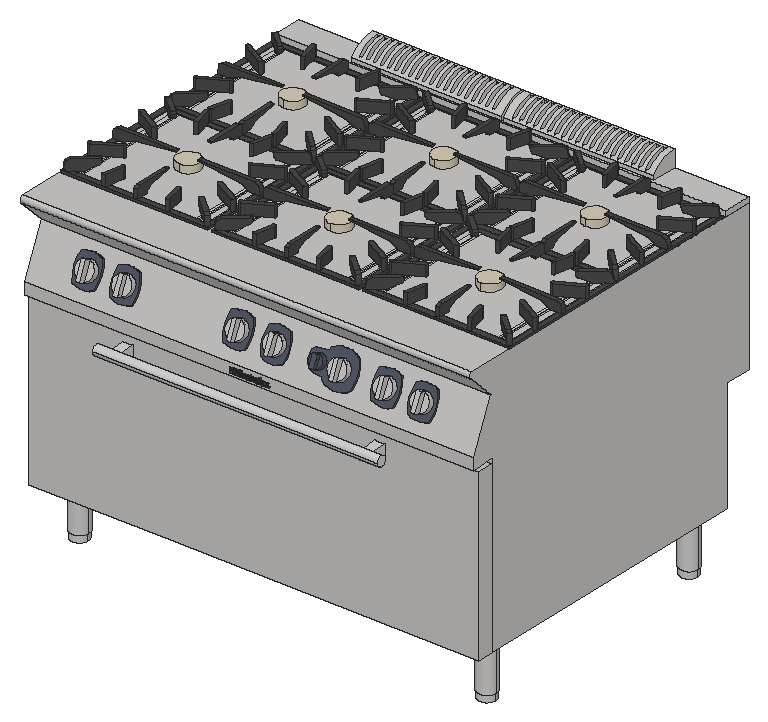
Revit family "QF_ELECTROLUXPROFESSIONAL_391580_E9AANTBJMII", category Attrezzature speciali, Revit 2018 (continued)
Automatic sketch dimensions
  Extrusion 7 sketch curve to Extrusion 7 sketch curve = 1.139 mm
  Extrusion 7 sketch curve to Extrusion 7 sketch curve = 3.102 mm
  Extrusion 7 sketch curve to Extrusion 7 sketch curve = 4.032 mm
  Extrusion 7 sketch curve to Extrusion 7 sketch curve = 0.404 mm
  Extrusion 7 sketch curve to Extrusion 7 sketch curve = 5.898 mm
  plane 11 to Extrusion 7 sketch curve = 8.549 mm
  Extrusion 7 sketch curve to plane 11 = 30 mm
  Extrusion 7 sketch curve to plane 10 = 298.908 mm
  Extrusion 7 sketch curve to Extrusion 7 sketch curve = 3.343 mm
  Extrusion 7 sketch curve to Extrusion 7 sketch curve = 2.066 mm
  Extrusion 7 sketch curve to Extrusion 7 sketch curve = 5.312 mm
  Extrusion 7 sketch curve to Extrusion 7 sketch curve = 28.009 mm
  plane 11 to Extrusion 8 sketch curve = 22.852 mm
  Extrusion 8 sketch curve to Extrusion 8 sketch curve = 0 mm  (x2)
  Extrusion 8 sketch curve to Extrusion 8 sketch curve = 1.139 mm
  Extrusion 8 sketch curve to Extrusion 8 sketch curve = 3.102 mm
  Extrusion 8 sketch curve to Extrusion 8 sketch curve = 4.032 mm
  Extrusion 8 sketch curve to Extrusion 8 sketch curve = 0.404 mm
  Extrusion 8 sketch curve to Extrusion 8 sketch curve = 5.898 mm
  plane 11 to Extrusion 8 sketch curve = 8.549 mm
  Extrusion 8 sketch curve to plane 11 = 30 mm
  Extrusion 8 sketch curve to plane 10 = 270.899 mm
  Extrusion 8 sketch curve to Extrusion 8 sketch curve = 2.705 mm
  Extrusion 8 sketch curve to Extrusion 8 sketch curve = 5.987 mm
  Extrusion 8 sketch curve to Extrusion 8 sketch curve = 5.312 mm
  Extrusion 8 sketch curve to Extrusion 8 sketch curve = 28.009 mm
  plane 11 to Extrusion 9 sketch curve = 19.749 mm
  Extrusion 9 sketch curve to plane 10 = 279.591 mm
  Extrusion 10 sketch curve to plane 18 = 228.904 mm
  Extrusion 10 sketch curve to Extrusion 10 sketch curve = 0 mm
  Extrusion 10 sketch curve to Extrusion 10 sketch curve = 12.3 mm  (x3)
  Extrusion 10 sketch curve to Extrusion 10 sketch curve = 34.925 mm  (x2)
  Extrusion 10 sketch curve to Extrusion 10 sketch curve = 46.691 mm
  Extrusion 10 sketch curve to Extrusion 10 sketch curve = 0.617 mm
  Extrusion 10 sketch curve to Extrusion 10 sketch curve = 28.57 mm
  Extrusion 10 sketch curve to Extrusion 10 sketch curve = 29.185 mm
  Extrusion 12 sketch curve to Extrusion 12 sketch curve = 24.732 mm
  Extrusion 12 sketch curve to Extrusion 12 sketch curve = 0 mm
  Extrusion 13 sketch curve to Extrusion 13 sketch curve = 0 mm  (x2)
  plane 7 "Center Y" to Extrusion 13 sketch curve = 190.859 mm
  Extrusion 13 sketch curve to Extrusion 13 sketch curve = 112.63 mm
  Extrusion 13 sketch curve to Extrusion 13 sketch curve = 1.398 mm
  Extrusion 13 sketch curve to Extrusion 13 sketch curve = 5.918 mm
  Extrusion 13 sketch curve to Extrusion 13 sketch curve = 7.825 mm
  Extrusion 13 sketch curve to Extrusion 13 sketch curve = 12.433 mm
  Extrusion 13 sketch curve to Extrusion 13 sketch curve = 33.329 mm
  Extrusion 13 sketch curve to Extrusion 13 sketch curve = 28.808 mm
  Extrusion 13 sketch curve to Extrusion 13 sketch curve = 2.986 mm
  Extrusion 13 sketch curve to Extrusion 13 sketch curve = 35.441 mm
  Extrusion 13 sketch curve to Extrusion 13 sketch curve = 23.969 mm
  Extrusion 13 sketch curve to Extrusion 13 sketch curve = 31.993 mm
  Extrusion 13 sketch curve to Extrusion 13 sketch curve = 0.131 mm
  Extrusion 13 sketch curve to Extrusion 13 sketch curve = 36.738 mm
  Extrusion 13 sketch curve to Extrusion 13 sketch curve = 6.105 mm
  Extrusion 13 sketch curve to Extrusion 13 sketch curve = 30.968 mm
  Extrusion 13 sketch curve to Extrusion 13 sketch curve = 0.002 mm
  Extrusion 13 sketch curve to Extrusion 13 sketch curve = 38.412 mm
  Extrusion 13 sketch curve to Extrusion 13 sketch curve = 39.831 mm
  Extrusion 13 sketch curve to Extrusion 13 sketch curve = 6.427 mm
  Extrusion 13 sketch curve to Extrusion 13 sketch curve = 11.842 mm
  Extrusion 15 sketch curve to Extrusion 15 sketch curve = 24.732 mm
  Extrusion 15 sketch curve to Extrusion 15 sketch curve = 0 mm
  Extrusion 17 sketch curve to Extrusion 17 sketch curve = 0 mm
  Extrusion 17 sketch curve to Extrusion 17 sketch curve = 7.232 mm  (x3)
  Extrusion 17 sketch curve to Extrusion 17 sketch curve = 17.5 mm
  Extrusion 17 sketch curve to Extrusion 17 sketch curve = 5.786 mm
  Extrusion 18 sketch curve to plane 17 = 61.596 mm
  Extrusion 18 sketch curve to Extrusion 18 sketch curve = 0 mm
  Extrusion 18 sketch curve to Extrusion 18 sketch curve = 12.3 mm  (x3)
  Extrusion 18 sketch curve to Extrusion 18 sketch curve = 34.925 mm  (x2)
  Extrusion 18 sketch curve to plane 17 = 35.869 mm
  Extrusion 18 sketch curve to Extrusion 18 sketch curve = 46.691 mm
  Extrusion 18 sketch curve to Extrusion 18 sketch curve = 26.344 mm
  Extrusion 18 sketch curve to Extrusion 18 sketch curve = 28.57 mm
  Extrusion 20 sketch curve to Extrusion 20 sketch curve = 24.732 mm
  Extrusion 20 sketch curve to Extrusion 20 sketch curve = 0 mm
  Extrusion 21 sketch curve to plane 17 = 161.596 mm
  Extrusion 21 sketch curve to Extrusion 21 sketch curve = 0 mm
  Extrusion 21 sketch curve to Extrusion 21 sketch curve = 12.3 mm  (x3)
  Extrusion 21 sketch curve to Extrusion 21 sketch curve = 34.925 mm  (x2)
  Extrusion 21 sketch curve to Extrusion 21 sketch curve = 46.691 mm
  Extrusion 21 sketch curve to Extrusion 21 sketch curve = 0.617 mm
  Extrusion 21 sketch curve to Extrusion 21 sketch curve = 28.57 mm
  Extrusion 21 sketch curve to Extrusion 21 sketch curve = 29.185 mm
  Extrusion 23 sketch curve to Extrusion 23 sketch curve = 24.732 mm
  Extrusion 23 sketch curve to Extrusion 23 sketch curve = 0 mm
  Extrusion 24 sketch curve to plane 1 "BACK" = 0 mm
  Extrusion 24 sketch curve to plane 6 "TOP" = 0 mm
  plane 1 "BACK" to Extrusion 24 sketch curve = 1.769 mm
  plane 10 to Extrusion 24 sketch curve = 23.813 mm
  plane 1 "BACK" to Extrusion 24 sketch curve = 69.85 mm
  plane 10 to Extrusion 24 sketch curve = 14.288 mm
  Extrusion 25 sketch curve to plane 18 = 131.404 mm
  Extrusion 25 sketch curve to Extrusion 25 sketch curve = 0 mm
  Extrusion 25 sketch curve to Extrusion 25 sketch curve = 12.3 mm  (x3)
  Extrusion 25 sketch curve to Extrusion 25 sketch curve = 34.925 mm  (x2)
  Extrusion 25 sketch curve to Extrusion 25 sketch curve = 46.691 mm
  Extrusion 25 sketch curve to Extrusion 25 sketch curve = 0.617 mm
  Extrusion 25 sketch curve to Extrusion 25 sketch curve = 28.57 mm
  Extrusion 25 sketch curve to Extrusion 25 sketch curve = 29.185 mm
  Extrusion 27 sketch curve to Extrusion 27 sketch curve = 24.732 mm
  Extrusion 27 sketch curve to Extrusion 27 sketch curve = 0 mm
  Extrusion 28 sketch curve to plane 7 "Center Y" = 79.904 mm
  Extrusion 28 sketch curve to plane 7 "Center Y" = 21.528 mm
  Extrusion 28 sketch curve to Extrusion 28 sketch curve = 0 mm
  Extrusion 28 sketch curve to Extrusion 28 sketch curve = 12.3 mm  (x3)
  plane 7 "Center Y" to Extrusion 28 sketch curve = 3.586 mm
  Extrusion 28 sketch curve to Extrusion 28 sketch curve = 34.925 mm  (x2)
  Extrusion 28 sketch curve to Extrusion 28 sketch curve = 46.691 mm
  Extrusion 28 sketch curve to plane 7 "Center Y" = 22.141 mm
  Extrusion 30 sketch curve to Extrusion 30 sketch curve = 24.732 mm
  Extrusion 30 sketch curve to Extrusion 30 sketch curve = 0 mm
  plane 7 "Center Y" to Extrusion 31 sketch curve = 20.096 mm
  Extrusion 31 sketch curve to Extrusion 31 sketch curve = 0 mm
  Extrusion 31 sketch curve to Extrusion 31 sketch curve = 12.3 mm  (x3)
  Extrusion 31 sketch curve to Extrusion 31 sketch curve = 34.925 mm  (x2)
  Extrusion 31 sketch curve to plane 7 "Center Y" = 5.631 mm
  Extrusion 31 sketch curve to Extrusion 31 sketch curve = 46.691 mm
  plane 7 "Center Y" to Extrusion 31 sketch curve = 20.714 mm
  Extrusion 31 sketch curve to Extrusion 31 sketch curve = 25.114 mm
  Extrusion 33 sketch curve to Extrusion 33 sketch curve = 24.732 mm
  Extrusion 33 sketch curve to Extrusion 33 sketch curve = 0 mm
  plane 7 "Center Y" to Extrusion 34 sketch curve = 21.292 mm
  Extrusion 34 sketch curve to plane 10 = 237.967 mm
  Extrusion 34 sketch curve to plane 7 "Center Y" = 13.807 mm
  Extrusion 34 sketch curve to Extrusion 34 sketch curve = 5.041 mm
  plane 7 "Center Y" to Extrusion 34 sketch curve = 5.969 mm
  Extrusion 34 sketch curve to Extrusion 34 sketch curve = 5.06 mm
  Extrusion 34 sketch curve to Extrusion 34 sketch curve = 0 mm  (x27)
  Extrusion 34 sketch curve to Extrusion 34 sketch curve = 5.108 mm  (x2)
  Extrusion 34 sketch curve to Extrusion 34 sketch curve = 0.054 mm
  Extrusion 34 sketch curve to Extrusion 34 sketch curve = 0.218 mm
  Extrusion 34 sketch curve to Extrusion 34 sketch curve = 0.195 mm
  Extrusion 34 sketch curve to Extrusion 34 sketch curve = 0.249 mm
  Extrusion 34 sketch curve to Extrusion 34 sketch curve = 0.316 mm
  Extrusion 34 sketch curve to Extrusion 34 sketch curve = 0.087 mm
  Extrusion 34 sketch curve to Extrusion 34 sketch curve = 0.358 mm
  Extrusion 34 sketch curve to Extrusion 34 sketch curve = 0.481 mm
  Extrusion 34 sketch curve to Extrusion 34 sketch curve = 0.597 mm
  Extrusion 34 sketch curve to Extrusion 34 sketch curve = 0.544 mm
  Extrusion 34 sketch curve to Extrusion 34 sketch curve = 0.936 mm
  Extrusion 34 sketch curve to Extrusion 34 sketch curve = 0.594 mm
  Extrusion 34 sketch curve to Extrusion 34 sketch curve = 0.343 mm
  Extrusion 34 sketch curve to Extrusion 34 sketch curve = 0.159 mm
  Extrusion 34 sketch curve to Extrusion 34 sketch curve = 0.826 mm
  Extrusion 34 sketch curve to Extrusion 34 sketch curve = 0.839 mm
  Extrusion 34 sketch curve to Extrusion 34 sketch curve = 0.852 mm
  Extrusion 34 sketch curve to Extrusion 34 sketch curve = 0.887 mm
  Extrusion 34 sketch curve to Extrusion 34 sketch curve = 0.928 mm
  Extrusion 34 sketch curve to Extrusion 34 sketch curve = 0.938 mm
  Extrusion 34 sketch curve to Extrusion 34 sketch curve = 0.444 mm
  Extrusion 34 sketch curve to Extrusion 34 sketch curve = 1.11 mm  (x3)
  plane 7 "Center Y" to Extrusion 34 sketch curve = 43.726 mm
  Extrusion 34 sketch curve to Extrusion 34 sketch curve = 0.215 mm
  plane 7 "Center Y" to Extrusion 34 sketch curve = 0.332 mm
  Extrusion 34 sketch curve to Extrusion 34 sketch curve = 1.43 mm
  Extrusion 34 sketch curve to Extrusion 34 sketch curve = 1.188 mm
  Extrusion 34 sketch curve to Extrusion 34 sketch curve = 1.21 mm  (x2)
  Extrusion 34 sketch curve to Extrusion 34 sketch curve = 0.503 mm
  plane 7 "Center Y" to Extrusion 34 sketch curve = 48.995 mm
  Extrusion 34 sketch curve to Extrusion 34 sketch curve = 0.488 mm
  plane 7 "Center Y" to Extrusion 34 sketch curve = 52.922 mm
  Extrusion 34 sketch curve to Extrusion 34 sketch curve = 0.462 mm
  Extrusion 34 sketch curve to Extrusion 34 sketch curve = 1.386 mm
  Extrusion 34 sketch curve to Extrusion 34 sketch curve = 1.742 mm
  Extrusion 34 sketch curve to Extrusion 34 sketch curve = 0.821 mm
  Extrusion 34 sketch curve to Extrusion 34 sketch curve = 0.497 mm
  Extrusion 34 sketch curve to Extrusion 34 sketch curve = 0.539 mm
  Extrusion 34 sketch curve to Extrusion 34 sketch curve = 0.686 mm
  Extrusion 34 sketch curve to plane 7 "Center Y" = 0.042 mm
  Extrusion 34 sketch curve to Extrusion 34 sketch curve = 0.408 mm
  Extrusion 34 sketch curve to Extrusion 34 sketch curve = 0.743 mm
  Extrusion 34 sketch curve to Extrusion 34 sketch curve = 1.16 mm
  Extrusion 34 sketch curve to Extrusion 34 sketch curve = 0.329 mm
  Extrusion 34 sketch curve to Extrusion 34 sketch curve = 1.054 mm
  Extrusion 34 sketch curve to Extrusion 34 sketch curve = 1.056 mm
  Extrusion 34 sketch curve to Extrusion 34 sketch curve = 0.129 mm
  Extrusion 34 sketch curve to Extrusion 34 sketch curve = 0.489 mm
  Extrusion 34 sketch curve to plane 7 "Center Y" = 0.376 mm
  Extrusion 34 sketch curve to Extrusion 34 sketch curve = 0.441 mm
  Extrusion 34 sketch curve to Extrusion 34 sketch curve = 1.151 mm
  Extrusion 34 sketch curve to Extrusion 34 sketch curve = 1.141 mm  (x2)
  Extrusion 34 sketch curve to Extrusion 34 sketch curve = 0.768 mm
  Extrusion 34 sketch curve to Extrusion 34 sketch curve = 1.653 mm
  Extrusion 34 sketch curve to Extrusion 34 sketch curve = 0.499 mm
  Extrusion 34 sketch curve to Extrusion 34 sketch curve = 0.964 mm
  Extrusion 34 sketch curve to Extrusion 34 sketch curve = 0.949 mm
  Extrusion 34 sketch curve to Extrusion 34 sketch curve = 1.345 mm  (x3)
  Extrusion 34 sketch curve to Extrusion 34 sketch curve = 1.101 mm
  Extrusion 34 sketch curve to Extrusion 34 sketch curve = 0.432 mm
  Extrusion 34 sketch curve to Extrusion 34 sketch curve = 1.142 mm
  Extrusion 34 sketch curve to Extrusion 34 sketch curve = 0.959 mm
  Extrusion 34 sketch curve to Extrusion 34 sketch curve = 0.176 mm
  Extrusion 34 sketch curve to Extrusion 34 sketch curve = 0.728 mm
  Extrusion 34 sketch curve to Extrusion 34 sketch curve = 3.375 mm  (x2)
  Extrusion 34 sketch curve to Extrusion 34 sketch curve = 0.541 mm
  Extrusion 34 sketch curve to Extrusion 34 sketch curve = 0.955 mm
  Extrusion 34 sketch curve to Extrusion 34 sketch curve = 1.251 mm
  Extrusion 34 sketch curve to Extrusion 34 sketch curve = 0.572 mm
  plane 7 "Center Y" to Extrusion 34 sketch curve = 47.619 mm
  Extrusion 34 sketch curve to Extrusion 34 sketch curve = 1.92 mm
  Extrusion 34 sketch curve to Extrusion 34 sketch curve = 1.224 mm
  Extrusion 34 sketch curve to Extrusion 34 sketch curve = 0.745 mm
  Extrusion 34 sketch curve to Extrusion 34 sketch curve = 0.036 mm
  Extrusion 34 sketch curve to Extrusion 34 sketch curve = 0.896 mm  (x3)
  Extrusion 34 sketch curve to Extrusion 34 sketch curve = 2.607 mm
  Extrusion 34 sketch curve to Extrusion 34 sketch curve = 0.066 mm
  Extrusion 34 sketch curve to Extrusion 34 sketch curve = 0.248 mm
  Extrusion 34 sketch curve to Extrusion 34 sketch curve = 0.449 mm
  plane 7 "Center Y" to Extrusion 34 sketch curve = 46.838 mm
  Extrusion 34 sketch curve to Extrusion 34 sketch curve = 1.052 mm
  Extrusion 34 sketch curve to Extrusion 34 sketch curve = 1.863 mm
  Extrusion 34 sketch curve to Extrusion 34 sketch curve = 1.31 mm  (x2)
  Extrusion 34 sketch curve to Extrusion 34 sketch curve = 0.901 mm
  Extrusion 34 sketch curve to Extrusion 34 sketch curve = 1.107 mm
  Extrusion 34 sketch curve to Extrusion 34 sketch curve = 2.122 mm
  Extrusion 34 sketch curve to Extrusion 34 sketch curve = 2.101 mm
  Extrusion 34 sketch curve to Extrusion 34 sketch curve = 0.106 mm
  Extrusion 34 sketch curve to Extrusion 34 sketch curve = 0.029 mm
  plane 7 "Center Y" to Extrusion 34 sketch curve = 49.641 mm
  Extrusion 34 sketch curve to Extrusion 34 sketch curve = 2.09 mm
  Extrusion 34 sketch curve to Extrusion 34 sketch curve = 1.279 mm
  Extrusion 34 sketch curve to Extrusion 34 sketch curve = 2.008 mm
  Extrusion 34 sketch curve to Extrusion 34 sketch curve = 0.738 mm
  Extrusion 34 sketch curve to Extrusion 34 sketch curve = 0.382 mm
  Extrusion 34 sketch curve to Extrusion 34 sketch curve = 0.384 mm
  Extrusion 34 sketch curve to Extrusion 34 sketch curve = 0.002 mm
  Extrusion 34 sketch curve to Extrusion 34 sketch curve = 0.561 mm
  Extrusion 34 sketch curve to Extrusion 34 sketch curve = 0.592 mm
  Extrusion 34 sketch curve to Extrusion 34 sketch curve = 2.692 mm
  Extrusion 34 sketch curve to Extrusion 34 sketch curve = 1.259 mm
  plane 7 "Center Y" to Extrusion 34 sketch curve = 48.858 mm
  Extrusion 34 sketch curve to Extrusion 34 sketch curve = 0.802 mm
  Extrusion 34 sketch curve to Extrusion 34 sketch curve = 1.024 mm
  Extrusion 34 sketch curve to Extrusion 34 sketch curve = 0.682 mm
  Extrusion 34 sketch curve to Extrusion 34 sketch curve = 5.934 mm
  Extrusion 34 sketch curve to Extrusion 34 sketch curve = 2.186 mm
  Extrusion 34 sketch curve to Extrusion 34 sketch curve = 0.337 mm
  Extrusion 34 sketch curve to Extrusion 34 sketch curve = 0.021 mm
  Extrusion 34 sketch curve to Extrusion 34 sketch curve = 1.005 mm
  Extrusion 34 sketch curve to Extrusion 34 sketch curve = 0.552 mm
  Extrusion 34 sketch curve to Extrusion 34 sketch curve = 0.778 mm
  Extrusion 34 sketch curve to Extrusion 34 sketch curve = 0.063 mm
  Extrusion 34 sketch curve to Extrusion 34 sketch curve = 1.023 mm
  Extrusion 34 sketch curve to Extrusion 34 sketch curve = 3.804 mm
  Extrusion 34 sketch curve to Extrusion 34 sketch curve = 0.486 mm
  Extrusion 34 sketch curve to Extrusion 34 sketch curve = 0.266 mm
  Extrusion 34 sketch curve to plane 7 "Center Y" = 0.787 mm
  Extrusion 34 sketch curve to Extrusion 34 sketch curve = 1.547 mm
  Extrusion 34 sketch curve to Extrusion 34 sketch curve = 0.717 mm  (x2)
  Extrusion 34 sketch curve to Extrusion 34 sketch curve = 1.667 mm
  plane 7 "Center Y" to Extrusion 34 sketch curve = 44.532 mm
  Extrusion 34 sketch curve to Extrusion 34 sketch curve = 3.174 mm
  plane 7 "Center Y" to Extrusion 34 sketch curve = 0.368 mm
  Extrusion 34 sketch curve to Extrusion 34 sketch curve = 0.388 mm
  Extrusion 34 sketch curve to Extrusion 34 sketch curve = 1.342 mm
  plane 7 "Center Y" to Extrusion 34 sketch curve = 50.135 mm
  Extrusion 34 sketch curve to Extrusion 34 sketch curve = 1.521 mm
  plane 7 "Center Y" to Extrusion 34 sketch curve = 51.694 mm
  Extrusion 34 sketch curve to Extrusion 34 sketch curve = 0.124 mm
  Extrusion 34 sketch curve to Extrusion 34 sketch curve = 0.291 mm
  plane 7 "Center Y" to Extrusion 34 sketch curve = 7.285 mm
  Extrusion 34 sketch curve to Extrusion 34 sketch curve = 1.049 mm  (x2)
  plane 7 "Center Y" to Extrusion 34 sketch curve = 47.668 mm
  Extrusion 34 sketch curve to Extrusion 34 sketch curve = 1.7 mm
  Extrusion 34 sketch curve to Extrusion 34 sketch curve = 0.894 mm
  Extrusion 34 sketch curve to Extrusion 34 sketch curve = 0.989 mm
  Extrusion 34 sketch curve to Extrusion 34 sketch curve = 1.168 mm
  Extrusion 34 sketch curve to Extrusion 34 sketch curve = 1.594 mm
  Extrusion 34 sketch curve to Extrusion 34 sketch curve = 0.731 mm
  Extrusion 34 sketch curve to Extrusion 34 sketch curve = 1.566 mm
  Extrusion 34 sketch curve to Extrusion 34 sketch curve = 0.064 mm
  plane 7 "Center Y" to Extrusion 34 sketch curve = 7.842 mm
  Extrusion 34 sketch curve to Extrusion 34 sketch curve = 0.556 mm
  Extrusion 34 sketch curve to Extrusion 34 sketch curve = 0.48 mm
  Extrusion 34 sketch curve to Extrusion 34 sketch curve = 0.228 mm
  Extrusion 34 sketch curve to Extrusion 34 sketch curve = 1.018 mm
  plane 7 "Center Y" to Extrusion 34 sketch curve = 37.429 mm
  Extrusion 34 sketch curve to Extrusion 34 sketch curve = 0.787 mm
  Extrusion 34 sketch curve to Extrusion 34 sketch curve = 0.618 mm
  plane 7 "Center Y" to Extrusion 34 sketch curve = 42.486 mm
  Extrusion 34 sketch curve to Extrusion 34 sketch curve = 1.672 mm
  plane 7 "Center Y" to Extrusion 34 sketch curve = 53.436 mm
  Extrusion 34 sketch curve to Extrusion 34 sketch curve = 1.361 mm
  Extrusion 34 sketch curve to Extrusion 34 sketch curve = 0.822 mm
  Extrusion 34 sketch curve to Extrusion 34 sketch curve = 0.069 mm
  Extrusion 34 sketch curve to Extrusion 34 sketch curve = 1.88 mm
  plane 7 "Center Y" to Extrusion 34 sketch curve = 35.269 mm
  Extrusion 34 sketch curve to Extrusion 34 sketch curve = 0.42 mm
  Extrusion 34 sketch curve to Extrusion 34 sketch curve = 0.062 mm
  Extrusion 34 sketch curve to Extrusion 34 sketch curve = 1.355 mm
  Extrusion 34 sketch curve to Extrusion 34 sketch curve = 2.34 mm
  Extrusion 34 sketch curve to Extrusion 34 sketch curve = 0.493 mm
  Extrusion 34 sketch curve to Extrusion 34 sketch curve = 0.136 mm
  Extrusion 34 sketch curve to Extrusion 34 sketch curve = 0.128 mm
  Extrusion 34 sketch curve to Extrusion 34 sketch curve = 3.616 mm
  Extrusion 34 sketch curve to Extrusion 34 sketch curve = 4.207 mm
  Extrusion 34 sketch curve to Extrusion 34 sketch curve = 0.183 mm
  Extrusion 34 sketch curve to Extrusion 34 sketch curve = 0.895 mm
  Extrusion 34 sketch curve to Extrusion 34 sketch curve = 1.314 mm
  Extrusion 34 sketch curve to Extrusion 34 sketch curve = 3.231 mm
  Extrusion 34 sketch curve to plane 7 "Center Y" = 23.526 mm
  Extrusion 34 sketch curve to Extrusion 34 sketch curve = 1.299 mm
  Extrusion 34 sketch curve to Extrusion 34 sketch curve = 1.214 mm
  plane 7 "Center Y" to Extrusion 34 sketch curve = 26.369 mm
  Extrusion 34 sketch curve to Extrusion 34 sketch curve = 1.264 mm
  Extrusion 34 sketch curve to Extrusion 34 sketch curve = 0.109 mm
  Extrusion 34 sketch curve to Extrusion 34 sketch curve = 0.357 mm
  Extrusion 34 sketch curve to Extrusion 34 sketch curve = 0.565 mm
  Extrusion 34 sketch curve to Extrusion 34 sketch curve = 2.504 mm
  Extrusion 34 sketch curve to Extrusion 34 sketch curve = 2.459 mm
  Extrusion 34 sketch curve to Extrusion 34 sketch curve = 0.983 mm
  Extrusion 34 sketch curve to Extrusion 34 sketch curve = 0.422 mm  (x2)
  Extrusion 34 sketch curve to Extrusion 34 sketch curve = 1.268 mm
  Extrusion 34 sketch curve to Extrusion 34 sketch curve = 0.671 mm
  Extrusion 34 sketch curve to Extrusion 34 sketch curve = 1.634 mm
  Extrusion 34 sketch curve to Extrusion 34 sketch curve = 0.132 mm
  Extrusion 34 sketch curve to Extrusion 34 sketch curve = 0.586 mm
  Extrusion 34 sketch curve to Extrusion 34 sketch curve = 1.241 mm
  Extrusion 34 sketch curve to Extrusion 34 sketch curve = 1.689 mm
  Extrusion 34 sketch curve to Extrusion 34 sketch curve = 0.627 mm
  Extrusion 34 sketch curve to Extrusion 34 sketch curve = 0.419 mm
  Extrusion 34 sketch curve to Extrusion 34 sketch curve = 1.514 mm
  Extrusion 34 sketch curve to Extrusion 34 sketch curve = 1.019 mm
  Extrusion 34 sketch curve to Extrusion 34 sketch curve = 0.065 mm
  Extrusion 34 sketch curve to Extrusion 34 sketch curve = 1.215 mm
  Extrusion 34 sketch curve to Extrusion 34 sketch curve = 1.122 mm
  Extrusion 34 sketch curve to Extrusion 34 sketch curve = 1.153 mm
  Extrusion 34 sketch curve to Extrusion 34 sketch curve = 1.223 mm
  Extrusion 34 sketch curve to Extrusion 34 sketch curve = 0.934 mm
  Extrusion 34 sketch curve to Extrusion 34 sketch curve = 3.376 mm
  Extrusion 34 sketch curve to Extrusion 34 sketch curve = 0.222 mm
  Extrusion 34 sketch curve to Extrusion 34 sketch curve = 1.383 mm
  Extrusion 34 sketch curve to Extrusion 34 sketch curve = 1.556 mm
  Extrusion 34 sketch curve to Extrusion 34 sketch curve = 2.559 mm
  Extrusion 34 sketch curve to Extrusion 34 sketch curve = 2.51 mm
  Extrusion 34 sketch curve to Extrusion 34 sketch curve = 0.131 mm
  Extrusion 34 sketch curve to Extrusion 34 sketch curve = 1.134 mm
  Extrusion 34 sketch curve to Extrusion 34 sketch curve = 0.094 mm
  Extrusion 34 sketch curve to Extrusion 34 sketch curve = 1.584 mm
  Extrusion 34 sketch curve to Extrusion 34 sketch curve = 0.27 mm
  Extrusion 34 sketch curve to Extrusion 34 sketch curve = 0.916 mm
  Extrusion 34 sketch curve to Extrusion 34 sketch curve = 0.352 mm
  Extrusion 34 sketch curve to Extrusion 34 sketch curve = 0.458 mm
  Extrusion 34 sketch curve to Extrusion 34 sketch curve = 1.282 mm
  Extrusion 34 sketch curve to Extrusion 34 sketch curve = 1.363 mm
  Extrusion 34 sketch curve to Extrusion 34 sketch curve = 0.685 mm
  Extrusion 34 sketch curve to Extrusion 34 sketch curve = 0.905 mm
  Extrusion 34 sketch curve to Extrusion 34 sketch curve = 1.477 mm
  Extrusion 34 sketch curve to Extrusion 34 sketch curve = 0.472 mm
  Extrusion 34 sketch curve to Extrusion 34 sketch curve = 0.101 mm
  Extrusion 34 sketch curve to Extrusion 34 sketch curve = 0.54 mm
  Extrusion 34 sketch curve to Extrusion 34 sketch curve = 0.02 mm
  Extrusion 34 sketch curve to Extrusion 34 sketch curve = 0.829 mm
  Extrusion 34 sketch curve to Extrusion 34 sketch curve = 0.582 mm
  Extrusion 34 sketch curve to Extrusion 34 sketch curve = 0.166 mm
  Extrusion 34 sketch curve to Extrusion 34 sketch curve = 0.16 mm
  Extrusion 34 sketch curve to Extrusion 34 sketch curve = 1.118 mm
  Extrusion 34 sketch curve to Extrusion 34 sketch curve = 0.613 mm
  Extrusion 34 sketch curve to Extrusion 34 sketch curve = 0.781 mm
  Extrusion 34 sketch curve to Extrusion 34 sketch curve = 0.361 mm
  Extrusion 34 sketch curve to Extrusion 34 sketch curve = 0.897 mm
  Extrusion 34 sketch curve to Extrusion 34 sketch curve = 0.167 mm
  Extrusion 34 sketch curve to Extrusion 34 sketch curve = 0.292 mm
  Extrusion 34 sketch curve to Extrusion 34 sketch curve = 0.305 mm
  Extrusion 34 sketch curve to Extrusion 34 sketch curve = 1.557 mm
  Extrusion 34 sketch curve to Extrusion 34 sketch curve = 2.499 mm
  Extrusion 34 sketch curve to Extrusion 34 sketch curve = 3.062 mm
  Extrusion 34 sketch curve to Extrusion 34 sketch curve = 2.968 mm
  Extrusion 34 sketch curve to Extrusion 34 sketch curve = 5.044 mm
  Extrusion 34 sketch curve to Extrusion 34 sketch curve = 0.629 mm  (x2)
  Extrusion 34 sketch curve to Extrusion 34 sketch curve = 1.131 mm
  Extrusion 34 sketch curve to Extrusion 34 sketch curve = 0.137 mm
  Extrusion 34 sketch curve to Extrusion 34 sketch curve = 0.027 mm
  Extrusion 34 sketch curve to Extrusion 34 sketch curve = 2.046 mm
  Extrusion 34 sketch curve to Extrusion 34 sketch curve = 2.235 mm
  Revolve 35 sketch curve to plane 9 "Base" = 0 mm  (x2)
  Revolve 35 sketch curve to level = 0 mm
  Revolve 35 sketch curve to plane 18 = 0 mm  (x2)
  Revolve 35 sketch curve to Revolve 35 sketch curve = 22.9 mm
  Revolve 35 sketch curve to Revolve 35 sketch curve = 2.5 mm
  plane 9 "Base" to Revolve 35 sketch curve = 20 mm
  level to Revolve 35 sketch curve = 19.05 mm
  Revolve 36 sketch curve to plane 9 "Base" = 0 mm  (x2)
  Revolve 36 sketch curve to level = 0 mm
  Revolve 36 sketch curve to plane 18 = 0 mm  (x2)
  Revolve 36 sketch curve to Revolve 36 sketch curve = 22.9 mm
  Revolve 36 sketch curve to Revolve 36 sketch curve = 2.5 mm
  plane 9 "Base" to Revolve 36 sketch curve = 20 mm
  level to Revolve 36 sketch curve = 19.05 mm
  Extrusion 37 sketch curve to Extrusion 1 = 43 mm
  Extrusion 37 sketch curve to Extrusion 1 = 276.222 mm
  plane 1 "BACK" to Extrusion 38 sketch curve = 63.911 mm  (x2)
  Extrusion 38 sketch curve to plane 18 = 156.447 mm
  Extrusion 38 sketch curve to Extrusion 38 sketch curve = 9.296 mm  (x20)
  Extrusion 38 sketch curve to Extrusion 38 sketch curve = 9.397 mm  (x19)
  Extrusion 38 sketch curve to Extrusion 38 sketch curve = 0 mm  (x18)
  plane 1 "BACK" to Extrusion 38 sketch curve = 6.761 mm  (x20)
  Revolve 39 sketch curve to plane 9 "Base" = 0 mm  (x2)
  Revolve 39 sketch curve to level = 0 mm
  plane 17 to Revolve 39 sketch curve = 0 mm  (x2)
  plane 17 to Revolve 39 sketch curve = 22.9 mm
  Revolve 39 sketch curve to Revolve 39 sketch curve = 2.5 mm
  level to Revolve 39 sketch curve = 19.05 mm
  plane 9 "Base" to Revolve 39 sketch curve = 20 mm
  Revolve 40 sketch curve to plane 9 "Base" = 0 mm  (x2)
  Revolve 40 sketch curve to level = 0 mm
  plane 17 to Revolve 40 sketch curve = 0 mm  (x2)
  plane 17 to Revolve 40 sketch curve = 22.9 mm
  Revolve 40 sketch curve to Revolve 40 sketch curve = 2.5 mm
  level to Revolve 40 sketch curve = 19.05 mm
  plane 9 "Base" to Revolve 40 sketch curve = 20 mm
  Extrusion 41 sketch curve to plane 1 "BACK" = 0 mm
  Extrusion 41 sketch curve to plane 6 "TOP" = 0 mm
  plane 1 "BACK" to Extrusion 41 sketch curve = 1.769 mm
  plane 10 to Extrusion 41 sketch curve = 23.813 mm
  plane 1 "BACK" to Extrusion 41 sketch curve = 69.85 mm
  plane 10 to Extrusion 41 sketch curve = 14.288 mm
  plane 1 "BACK" to Extrusion 42 sketch curve = 63.911 mm  (x2)
  Extrusion 42 sketch curve to plane 17 = 156.447 mm
  Extrusion 42 sketch curve to Extrusion 42 sketch curve = 9.296 mm  (x20)
  Extrusion 42 sketch curve to Extrusion 42 sketch curve = 9.397 mm  (x19)
  Extrusion 42 sketch curve to Extrusion 42 sketch curve = 0 mm  (x18)
  plane 1 "BACK" to Extrusion 42 sketch curve = 6.761 mm  (x20)
  radius of Extrusion 4 sketch curve = 6.4 mm
  radius of Extrusion 9 sketch curve = 12.7 mm
  radius of Extrusion 11 sketch curve = 25.4 mm
  radius of Extrusion 12 sketch curve to Extrusion 11 = 0 mm  (x2)
  radius of Extrusion 14 sketch curve = 25.4 mm
  radius of Extrusion 15 sketch curve to Extrusion 14 = 0 mm  (x2)
  radius of Extrusion 16 sketch curve = 18.37 mm
  radius of Extrusion 19 sketch curve = 25.4 mm
  radius of Extrusion 20 sketch curve to Extrusion 19 = 0 mm  (x2)
  radius of Extrusion 22 sketch curve = 25.4 mm
  radius of Extrusion 23 sketch curve to Extrusion 22 = 0 mm  (x2)
  radius of Extrusion 26 sketch curve = 25.4 mm
  radius of Extrusion 27 sketch curve to Extrusion 26 = 0 mm  (x2)
  radius of Extrusion 29 sketch curve = 25.4 mm
  radius of Extrusion 30 sketch curve to Extrusion 29 = 0 mm  (x2)
  radius of Extrusion 32 sketch curve = 25.4 mm
  radius of Extrusion 33 sketch curve to Extrusion 32 = 0 mm  (x2)
  radius of Extrusion 37 sketch curve = 12.7 mm
Nested families
  nested 1: "371009_BURNER" at (0, -440.6, 0), type "371009_BURNER"
    with Type Mark "", Status "", Specification by User "", Revision Code "", Item Number "", Installed By "", Identify Quantity as Lot yes, Furnished By "", Foodservice Equipment Identifier yes
  nested 2: "371009_BURNER" at (403.15, -440.6, 0), type "371009_BURNER"
    with Type Mark "", Status "", Specification by User "", Revision Code "", Item Number "", Installed By "", Identify Quantity as Lot yes, Furnished By "", Foodservice Equipment Identifier yes
  nested 3: "371009_BURNER" at (1200, -440.6, 0) x (-1, 0, 0) z (0, 0, 1), type "371009_BURNER"
    with Type Mark "", Status "", Specification by User "", Revision Code "", Item Number "", Installed By "", Identify Quantity as Lot yes, Furnished By "", Foodservice Equipment Identifier yes
  nested 4: "371009_BURNER" at (0, -440.6, 0), type "371009_BURNER"
    with Type Mark "", Status "", Specification by User "", Revision Code "", Item Number "", Installed By "", Identify Quantity as Lot yes, Furnished By "", Foodservice Equipment Identifier yes
  nested 5: "371009_BURNER" at (403.15, -440.6, 0), type "371009_BURNER"
    with Type Mark "", Status "", Specification by User "", Revision Code "", Item Number "", Installed By "", Identify Quantity as Lot yes, Furnished By "", Foodservice Equipment Identifier yes
  nested 6: "371009_BURNER" at (1200, -440.6, 0) x (-1, 0, 0) z (0, 0, 1), type "371009_BURNER"
    with Type Mark "", Status "", Specification by User "", Revision Code "", Item Number "", Installed By "", Identify Quantity as Lot yes, Furnished By "", Foodservice Equipment Identifier yes
Connectors
  piping at (1148, -666, 129), diameter 12.8
    settings: on Extrusion 4, index 1, connector inside diameter 0.50394", connector length 0 mm, flow factor 0, pipe flow 0 GPM, pressure drop 0.00 psi, fitting loss kfactor 0, connector angle 0.00°, fixture units 0, engagement length 0 mm, angle of deflection 0.00°, flow configuration 1, flow direction 1, fitting loss method 0, system type 16, joint type 0, gender type 0, connector reference index -1, connector utility 0, adjustable connector no, is connector primary yes, connector description "GAS CONNECTION"
Definition of nested family "371009_BURNER"
  Parameters
    Weight in Pounds = 0
    URL Cutsheet = ""
    URL = "www.electrolux.com"
    Type Mark [instance] = ""
    Status [instance] = ""
    Specification by User [instance] = ""
    Specification by Manufacturer = ""
    Show Clearance [instance] = yes
    Serial Number = ""
    Seismic Rating = ""
    SMACNA No = ""
    Revision Code [instance] = ""
    Omniclass Number and Title = ""
    NAFEM Spec ID Number = ""
    Model = "371009"
    Masterspec = ""
    Manufacturer = "ELECTROLUX"
    Item Number [instance] = ""
    Installed By [instance] = ""
    Identify Quantity as Lot [instance] = yes
    Furnished By [instance] = ""
    Foodservice Equipment Identifier [instance] = yes
    Description = ""
    CSI MasterFormat = ""
    CSI Master Format = ""
  Reference planes
    plane 1 "BACK": y = 0
    plane 2: z = 0
    plane 3 "LEFT": x = 0
    plane 4 "RIGHT": x = 393.7
    plane 5 "FRONT": y = -355.6
    plane 6 "TOP": z = 908.85
    plane 7 "Center Y": x = 196.85
    plane 8 "Center X": y = -177.8
    plane 9 "Base": z = 150
    plane 10: z = 850.85
  Forms (mm)
    Extrusion 1, solid
      sketch origin (-6.433, -404.961, 5) x (1, 0, 0) y (0, 0, -1)
        loop
          arc (7.142, -850.85) -> (6.739, -862.989) -> (9.761, -874.752) r 42.809
          line (9.761, -874.752) -> (19.961, -879.425) -> (173.122, -879.425)
          arc (173.122, -879.425) -> (174.316, -878.312) -> (173.289, -877.043) r 1.197
          line (173.289, -877.043) -> (64.848, -864.021)
          arc (64.848, -864.021) -> (50.111, -858.738) -> (36.589, -850.85) r 85.245
          line (36.589, -850.85) -> (7.142, -850.85)
        loop
          line (399.424, -850.85) -> (369.977, -850.85)
          arc (369.977, -850.85) -> (356.455, -858.738) -> (341.718, -864.021) r 85.245
          line (341.718, -864.021) -> (233.277, -877.043)
          arc (233.277, -877.043) -> (232.25, -878.312) -> (233.444, -879.425) r 1.197
          line (233.444, -879.425) -> (386.605, -879.425) -> (396.806, -874.752)
          arc (396.806, -874.752) -> (399.827, -862.989) -> (399.424, -850.85) r 42.809
      from 224.564 to 234.564
    Extrusion 2, solid
      sketch origin (196.85, 175.397, 1219.2) x (0, 1, 0) y (0, 0, 1)
        loop
          line (-204.463, -363.35) -> (-175.397, -363.35) -> (-175.397, -339.506)
          arc (-175.397, -339.506) -> (-181.025, -338.266) -> (-185.611, -334.775) r 13.39
          line (-185.611, -334.775) -> (-278.903, -334.775)
          arc (-278.903, -334.775) -> (-280.097, -335.888) -> (-279.07, -337.157) r 1.197
          line (-279.07, -337.157) -> (-227.151, -347.464)
          arc (-227.151, -347.464) -> (-213.741, -352.457) -> (-204.463, -363.35) r 28.426
        loop
          arc (-496.332, -363.35) -> (-487.053, -352.457) -> (-473.644, -347.464) r 28.426
          line (-473.644, -347.464) -> (-421.725, -337.157)
          arc (-421.725, -337.157) -> (-420.697, -335.888) -> (-421.891, -334.775) r 1.197
          line (-421.891, -334.775) -> (-515.184, -334.775)
          arc (-515.184, -334.775) -> (-519.769, -338.266) -> (-525.397, -339.506) r 13.39
          line (-525.397, -339.506) -> (-525.397, -363.35) -> (-496.332, -363.35)
      from -5 to 5
    Extrusion 3, solid
      sketch origin (-6.433, 367.064, 850.85) x (0, -1, 0) y (1, 0, 0)
        loop
          line (722.664, 6.433) -> (722.664, 400.133) -> (367.064, 400.133) -> (367.064, 6.433) -> (722.664, 6.433)
        loop
          line (382.064, 21.433) -> (707.664, 21.433) -> (707.664, 385.133) -> (382.064, 385.133) -> (382.064, 21.433)
      from 0 to 5
    Extrusion 4, solid
      sketch origin (-18.933, 367.064, 855.85) x (0, -1, 0) y (1, 0, 0)
        loop
          circle (541.667, 215.783) r 30
      from -1.321 to 17.134
    Extrusion 5, solid
      sketch origin (-6.433, -367.064, 0) x (1, 0, 0) y (0, 0, -1)
        loop
          line (21.433, -855.85) -> (36.589, -855.85)
          arc (36.589, -855.85) -> (40.561, -855.243) -> (44.305, -853.783) r 18.259
          arc (44.305, -853.783) -> (45.997, -853.366) -> (47.69, -853.783) r 3.649
          arc (47.69, -853.783) -> (49.901, -854.522) -> (52.232, -854.529) r 7.328
          line (52.232, -854.529) -> (354.334, -854.529)
          arc (354.334, -854.529) -> (356.666, -854.522) -> (358.877, -853.783) r 7.328
          arc (358.877, -853.783) -> (360.569, -853.366) -> (362.261, -853.783) r 3.649
          arc (362.261, -853.783) -> (366.005, -855.243) -> (369.977, -855.85) r 18.259
          line (369.977, -855.85) -> (385.133, -855.85) -> (385.133, -850.85) -> (21.433, -850.85) -> (21.433, -855.85)
      from 26.464 to 352.064
    Extrusion 6, solid
      sketch origin (83.284, -458.334, 5) x (0.742103, 0.670286, 0) y (0, 0, -1)
        loop
          arc (88.629, -864.012) -> (73.909, -858.731) -> (60.402, -850.85) r 85.245
          line (60.402, -850.85) -> (14.993, -850.85)
          arc (14.993, -850.85) -> (14.642, -862.948) -> (17.686, -874.663) r 42.876
          line (17.686, -874.663) -> (27.899, -879.425) -> (89.664, -879.425)
          arc (89.664, -879.425) -> (92.39, -878.352) -> (93.654, -875.709) r 4
          arc (93.654, -875.709) -> (92.562, -869.25) -> (88.629, -864.012) r 13.87
        loop
          arc (457.638, -864.012) -> (453.704, -869.25) -> (452.613, -875.709) r 13.87
          arc (452.613, -875.709) -> (453.876, -878.352) -> (456.603, -879.425) r 4
          line (456.603, -879.425) -> (518.367, -879.425) -> (528.581, -874.663)
          arc (528.581, -874.663) -> (531.624, -862.948) -> (531.273, -850.85) r 42.876
          line (531.273, -850.85) -> (485.865, -850.85)
          arc (485.865, -850.85) -> (472.357, -858.731) -> (457.638, -864.012) r 85.245
      from 127.064 to 137.064
    Extrusion 7, solid
      sketch origin (310.416, -458.334, 5) x (-0.742103, 0.670286, 0) y (0, 0, 1)
        loop
          arc (88.629, 864.012) -> (92.562, 869.25) -> (93.654, 875.709) r 13.87
          arc (93.654, 875.709) -> (92.39, 878.352) -> (89.664, 879.425) r 4
          line (89.664, 879.425) -> (27.899, 879.425) -> (17.686, 874.663)
          arc (17.686, 874.663) -> (14.642, 862.948) -> (14.993, 850.85) r 42.876
          line (14.993, 850.85) -> (60.402, 850.85)
          arc (60.402, 850.85) -> (73.909, 858.731) -> (88.629, 864.012) r 85.245
        loop
          arc (457.638, 864.012) -> (472.357, 858.731) -> (485.865, 850.85) r 85.245
          line (485.865, 850.85) -> (531.273, 850.85)
          arc (531.273, 850.85) -> (531.624, 862.948) -> (528.581, 874.663) r 42.876
          line (528.581, 874.663) -> (518.367, 879.425) -> (456.603, 879.425)
          arc (456.603, 879.425) -> (453.876, 878.352) -> (452.613, 875.709) r 4
          arc (452.613, 875.709) -> (453.704, 869.25) -> (457.638, 864.012) r 13.87
      from 127.064 to 137.064
    Extrusion 8, solid
      sketch origin (-6.433, 367.064, 855.85) x (0, -1, 0) y (1, 0, 0)
        loop
          arc (626.166, 9.428) -> (632.956, 7.454) -> (634.93, 14.244) r 5
          line (634.93, 14.244) -> (600.514, 76.878)
          arc (600.514, 76.878) -> (593.724, 78.852) -> (591.75, 72.062) r 5
          line (591.75, 72.062) -> (626.166, 9.428)
        loop
          line (463.562, 9.428) -> (497.977, 72.062)
          arc (497.977, 72.062) -> (496.003, 78.852) -> (489.213, 76.878) r 5
          line (489.213, 76.878) -> (454.798, 14.244)
          arc (454.798, 14.244) -> (456.772, 7.454) -> (463.562, 9.428) r 5
        loop
          line (626.166, 397.138) -> (591.75, 334.504)
          arc (591.75, 334.504) -> (593.724, 327.714) -> (600.514, 329.689) r 5
          line (600.514, 329.689) -> (634.93, 392.323)
          arc (634.93, 392.323) -> (632.956, 399.113) -> (626.166, 397.138) r 5
        loop
          arc (463.562, 397.138) -> (456.772, 399.113) -> (454.798, 392.323) r 5
          line (454.798, 392.323) -> (489.213, 329.689)
          arc (489.213, 329.689) -> (496.003, 327.714) -> (497.977, 334.504) r 5
          line (497.977, 334.504) -> (463.562, 397.138)
        loop
          line (715.14, 293.499) -> (666.703, 282.317)
          arc (666.703, 282.317) -> (662.956, 276.32) -> (668.953, 272.573) r 5
          line (668.953, 272.573) -> (717.389, 283.756)
          arc (717.389, 283.756) -> (721.136, 289.752) -> (715.14, 293.499) r 5
        loop
          arc (715.14, 113.067) -> (721.136, 116.814) -> (717.389, 122.811) r 5
          line (717.389, 122.811) -> (668.953, 133.993)
          arc (668.953, 133.993) -> (662.956, 130.246) -> (666.703, 124.249) r 5
          line (666.703, 124.249) -> (715.14, 113.067)
        loop
          arc (374.588, 293.499) -> (368.591, 289.752) -> (372.338, 283.756) r 5
          line (372.338, 283.756) -> (420.775, 272.573)
          arc (420.775, 272.573) -> (426.771, 276.32) -> (423.024, 282.317) r 5
          line (423.024, 282.317) -> (374.588, 293.499)
        loop
          line (374.588, 113.067) -> (423.024, 124.249)
          arc (423.024, 124.249) -> (426.771, 130.246) -> (420.775, 133.993) r 5
          line (420.775, 133.993) -> (372.338, 122.811)
          arc (372.338, 122.811) -> (368.591, 116.814) -> (374.588, 113.067) r 5
      from 0 to 28.575
  Lines and regions (mm)
    symbolic lines
      curve 1: line (0, -355.6, 150) -> (393.7, -355.6, 150)
      curve 2: line (0, 0, 150) -> (0, -355.6, 150)
      curve 3: line (393.7, -355.6, 150) -> (393.7, 0, 150)
      curve 4: line (369.633, -15, 150) -> (285.34, -15, 150)
      curve 5: line (24.067, -340.6, 150) -> (108.36, -340.6, 150)
      curve 6: line (157.475, -170.397, 150) -> (157.475, -15, 150)
      curve 7: line (236.225, -170.397, 150) -> (236.225, -15, 150)
      curve 8: line (201.85, -350, 150) -> (201.85, -176.674, 150)
      curve 9: line (0, -180.397, 150) -> (167.224, -180.397, 150)
      curve 10: line (393.7, -170.397, 150) -> (228.275, -170.397, 150)
      curve 11: line (15, -180.397, 150) -> (15, -252.506, 150)
      curve 12: line (45.799, -340.6, 150) -> (45.799, -320.971, 150)
      curve 13: line (167.224, -170.397, 150) -> (0, -170.397, 150)
      curve 14: line (228.275, -180.504, 150) -> (393.7, -180.504, 150)
      curve 15: arc (228.275, -170.397, 150) -> (223.221, -175.45, 150) -> (228.275, -180.504, 150) r 5.054
      curve 16: arc (167.224, -170.397, 150) -> (172.224, -175.397, 150) -> (167.224, -180.397, 150) r 5
      curve 17: line (191.85, -176.674, 150) -> (191.85, -350, 150)
      curve 18: line (201.85, -134.556, 150) -> (201.85, -0.794, 150)
      curve 19: arc (201.85, -176.674, 150) -> (196.85, -171.674, 150) -> (191.85, -176.674, 150) r 5
      curve 20: arc (201.85, -134.556, 150) -> (196.85, -139.556, 150) -> (191.85, -134.556, 150) r 5
      curve 21: line (191.85, -15, 150) -> (118.623, -15, 150)
      curve 22: arc (201.85, -29.042, 150) -> (213.272, -50.008, 150) -> (201.85, -70.973, 150) r 24.953
      curve 23: arc (213.086, -53.048, 150) -> (214.5, -50.008, 150) -> (213.086, -46.967, 150) r 3.975
      curve 24: arc (191.85, -29.852, 150) -> (181.339, -50.008, 150) -> (191.85, -70.163, 150) r 24.58
      curve 25: arc (181.527, -53.042, 150) -> (179.976, -50.008, 150) -> (181.527, -46.973, 150) r 3.745
      curve 26: line (191.85, -0.794, 150) -> (191.85, -134.556, 150)
      curve 27: line (191.85, -350, 150) -> (201.85, -350, 150)
      curve 28: line (191.85, -11.007, 150) -> (201.85, -11.007, 150)
      curve 29: line (191.85, -0.794, 150) -> (201.85, -0.794, 150)
      curve 30: line (201.85, -340.6, 150) -> (275.077, -340.6, 150)
      curve 31: arc (196.85, -145.397, 0) -> (166.955, -172.888, 0) -> (191.85, -204.977, 0) r 30
      curve 32: arc (201.85, -204.977, 0) -> (226.745, -172.888, 0) -> (196.85, -145.397, 0) r 30
      curve 33: arc (158.678, -180.397, 0) -> (170.734, -200.207, 0) -> (191.85, -209.795, 0) r 39.375
      curve 34: line (163.825, -170.397, 150) -> (163.825, -15, 150)
      curve 35: line (229.875, -170.397, 150) -> (229.875, -15, 150)
      curve 36: line (144.775, -170.397, 150) -> (144.775, -15, 150)
      curve 37: line (248.925, -170.397, 150) -> (248.925, -15, 150)
      curve 38: arc (145.678, -180.397, 0) -> (161.728, -209.187, 0) -> (191.85, -222.573, 0) r 52.075
      curve 39: arc (201.85, -209.795, 0) -> (222.966, -200.207, 0) -> (235.022, -180.397, 0) r 39.375
      curve 40: arc (201.85, -222.573, 0) -> (231.931, -209.224, 0) -> (248.001, -180.504, 0) r 52.075
      curve 41: line (393.7, 0, 0) -> (0, 0, 0)
      curve 42: line (70.445, -122.149, 0) -> (7.81, -87.734, 0)
      curve 43: arc (7.81, -87.734, 0) -> (1.021, -89.708, 0) -> (2.995, -96.498, 0) r 5
      curve 44: line (2.995, -96.498, 0) -> (65.629, -130.914, 0)
      curve 45: arc (65.629, -130.914, 0) -> (72.419, -128.939, 0) -> (70.445, -122.149, 0) r 5
      curve 46: line (65.629, -224.686, 0) -> (2.995, -259.102, 0)
      curve 47: arc (2.995, -259.102, 0) -> (1.021, -265.892, 0) -> (7.81, -267.866, 0) r 5
      curve 48: line (7.81, -267.866, 0) -> (70.445, -233.451, 0)
      curve 49: arc (70.445, -233.451, 0) -> (72.419, -226.661, 0) -> (65.629, -224.686, 0) r 5
      curve 50: line (323.255, -122.149, 0) -> (385.89, -87.734, 0)
      curve 51: arc (385.89, -87.734, 0) -> (392.679, -89.708, 0) -> (390.705, -96.498, 0) r 5
      curve 52: line (390.705, -96.498, 0) -> (328.071, -130.914, 0)
      curve 53: arc (328.071, -130.914, 0) -> (321.281, -128.939, 0) -> (323.255, -122.149, 0) r 5
      curve 54: line (328.071, -224.686, 0) -> (390.705, -259.102, 0)
      curve 55: arc (390.705, -259.102, 0) -> (392.679, -265.892, 0) -> (385.89, -267.866, 0) r 5
      curve 56: line (385.89, -267.866, 0) -> (323.255, -233.451, 0)
      curve 57: arc (323.255, -233.451, 0) -> (321.281, -226.661, 0) -> (328.071, -224.686, 0) r 5
      curve 58: line (118.623, -340.6, 150) -> (191.85, -340.6, 150)
      curve 59: line (285.34, -340.6, 150) -> (369.633, -340.6, 150)
      curve 60: line (378.7, -335.314, 0) -> (378.7, -263.916, 0)
      curve 61: line (1.326, -7.935, 0) -> (58.752, -59.804, 0)
      curve 62: line (65.455, -52.383, 0) -> (8.029, -0.514, 0)
      curve 63: arc (58.752, -59.804, 0) -> (65.814, -59.445, 0) -> (65.455, -52.383, 0) r 5
      curve 64: line (1.326, -7.935, 0) -> (8.029, -0.514, 0)
      curve 65: line (392.374, -7.935, 0) -> (334.948, -59.804, 0)
      curve 66: line (328.245, -52.383, 0) -> (385.671, -0.514, 0)
      curve 67: arc (334.948, -59.804, 0) -> (327.886, -59.445, 0) -> (328.245, -52.383, 0) r 5
      curve 68: line (392.374, -7.935, 0) -> (385.671, -0.514, 0)
      curve 69: line (392.374, -347.665, 0) -> (334.948, -295.796, 0)
      curve 70: line (328.245, -303.217, 0) -> (385.671, -355.086, 0)
      curve 71: arc (334.948, -295.796, 0) -> (327.886, -296.155, 0) -> (328.245, -303.217, 0) r 5
      curve 72: line (392.374, -347.665, 0) -> (385.671, -355.086, 0)
      curve 73: line (1.326, -347.665, 0) -> (58.752, -295.796, 0)
      curve 74: line (65.455, -303.217, 0) -> (8.029, -355.086, 0)
      curve 75: arc (58.752, -295.796, 0) -> (65.814, -296.155, 0) -> (65.455, -303.217, 0) r 5
      curve 76: line (1.326, -347.665, 0) -> (8.029, -355.086, 0)
      curve 77: line (347.901, -15, 0) -> (347.901, -34.629, 0)
      curve 78: line (347.901, -320.971, 0) -> (347.901, -340.6, 0)
      curve 79: line (378.7, -252.506, 0) -> (378.7, -180.397, 0)
      curve 80: line (347.901, -246.993, 0) -> (347.901, -307.496, 0)
      curve 81: line (378.7, -170.397, 0) -> (378.7, -103.094, 0)
      curve 82: line (347.901, -180.397, 0) -> (347.901, -235.582, 0)
      curve 83: line (378.7, -91.684, 0) -> (378.7, -20.286, 0)
      curve 84: line (347.901, -120.018, 0) -> (347.901, -170.397, 0)
      curve 85: line (347.901, -48.104, 0) -> (347.901, -108.607, 0)
      curve 86: line (275.077, -15, 150) -> (201.85, -15, 150)
      curve 87: line (108.36, -15, 150) -> (24.067, -15, 150)
      curve 88: line (45.799, -40, 150) -> (45.799, -15, 150)
      curve 89: line (45.799, -108.607, 150) -> (45.799, -40, 150)
      curve 90: line (15, -20.286, 0) -> (15, -91.684, 0)
      curve 91: line (15, -103.094, 0) -> (15, -170.397, 0)
      curve 92: line (45.799, -170.397, 150) -> (45.799, -120.018, 150)
      curve 93: line (45.799, -235.582, 150) -> (45.799, -180.397, 150)
      curve 94: line (15, -263.916, 150) -> (15, -335.314, 150)
      curve 95: line (45.799, -307.496, 150) -> (45.799, -246.993, 150)
      curve 96: line (116.378, -350.325, 0) -> (127.56, -301.889, 0)
      curve 97: arc (127.56, -301.889, 0) -> (123.813, -295.892, 0) -> (117.816, -299.64, 0) r 5
      curve 98: line (117.816, -299.64, 0) -> (106.634, -348.076, 0)
      curve 99: arc (106.634, -348.076, 0) -> (110.381, -354.072, 0) -> (116.378, -350.325, 0) r 5
      curve 100: line (266.14, -301.889, 0) -> (277.322, -350.325, 0)
      curve 101: arc (277.322, -350.325, 0) -> (283.319, -354.072, 0) -> (287.066, -348.076, 0) r 5
      curve 102: line (287.066, -348.076, 0) -> (275.884, -299.64, 0)
      curve 103: arc (275.884, -299.64, 0) -> (269.887, -295.892, 0) -> (266.14, -301.889, 0) r 5
      curve 104: line (275.884, -55.96, 0) -> (287.066, -7.524, 0)
      curve 105: arc (287.066, -7.524, 0) -> (283.319, -1.528, 0) -> (277.322, -5.275, 0) r 5
      curve 106: line (277.322, -5.275, 0) -> (266.14, -53.711, 0)
      curve 107: arc (266.14, -53.711, 0) -> (269.887, -59.708, 0) -> (275.884, -55.96, 0) r 5
      curve 108: line (127.56, -53.711, 0) -> (116.378, -5.275, 0)
      curve 109: arc (116.378, -5.275, 0) -> (110.381, -1.528, 0) -> (106.634, -7.524, 0) r 5
      curve 110: line (106.634, -7.524, 0) -> (117.816, -55.96, 0)
      curve 111: arc (117.816, -55.96, 0) -> (123.813, -59.708, 0) -> (127.56, -53.711, 0) r 5
  Dimensions and locks
    equal spacing: plane 3 "LEFT", plane 7 "Center Y", plane 4 "RIGHT"
    plane 3 "LEFT" to plane 4 "RIGHT" = 393.7 mm
    equal spacing: plane 5 "FRONT", plane 8 "Center X", plane 1 "BACK"
    plane 5 "FRONT" to plane 1 "BACK" = 355.6 mm
    plane 6 "TOP" to level = 908.85 mm
    plane 9 "Base" to level = 150 mm
    plane 6 "TOP" to plane 10 = 58 mm  (x2)
    locked: Extrusion 4 sketch curve to plane 7 "Center Y" at 0
    aligned and locked: level to plane 2
  Automatic sketch dimensions
    curve 10 to plane 4 "RIGHT" = 0 mm
    curve 20 to plane 7 "Center Y" = 0 mm
    curve 19 to plane 7 "Center Y" = 0 mm
    curve 9 to plane 3 "LEFT" = 0 mm
    plane 1 "BACK" to curve 2 = 0 mm
    plane 1 "BACK" to curve 3 = 0 mm
    plane 5 "FRONT" to curve 2 = 0 mm
    curve 4 to plane 4 "RIGHT" = 24.067 mm
    curve 59 to plane 4 "RIGHT" = 24.067 mm
    plane 1 "BACK" to curve 37 = 15 mm
    plane 7 "Center Y" to curve 37 = 52.075 mm
    curve 37 to curve 7 = 12.7 mm
    curve 7 to curve 35 = 6.35 mm
    plane 8 "Center X" to curve 15 = 2.35 mm
    curve 35 to curve 15 = 1.6 mm
    plane 7 "Center Y" to curve 23 = 16.236 mm
    curve 23 to curve 23 = 0 mm
    curve 23 to curve 23 = 2.56 mm
    curve 23 to curve 24 = 4.607 mm
    plane 7 "Center Y" to curve 86 = 5 mm
    plane 7 "Center Y" to curve 27 = 5 mm
    curve 22 to plane 7 "Center Y" = 8.531 mm
    curve 22 to curve 25 = 4.597 mm
    curve 25 to curve 25 = 2.194 mm  (x2)
    curve 9 to plane 8 "Center X" = 2.597 mm
    curve 17 to curve 9 = 24.626 mm
    curve 21 to curve 34 = 28.025 mm
    curve 34 to curve 6 = 6.35 mm
    plane 8 "Center X" to curve 36 = 7.403 mm
    curve 6 to curve 36 = 12.7 mm
    plane 3 "LEFT" to curve 12 = 45.799 mm
    plane 3 "LEFT" to curve 87 = 24.067 mm
    plane 3 "LEFT" to curve 5 = 24.067 mm
    plane 1 "BACK" to curve 26 = 0.794 mm
    curve 28 to curve 86 = 3.993 mm
    curve 28 to curve 21 = 3.993 mm
    curve 86 to curve 22 = 14.042 mm
    curve 22 to curve 24 = 0.81 mm
    curve 22 to curve 23 = 17.925 mm
    curve 25 to curve 22 = 3.035 mm
    plane 8 "Center X" to curve 26 = 43.244 mm
    curve 15 to curve 15 = 5.054 mm
    plane 8 "Center X" to curve 17 = 1.126 mm
    curve 94 to curve 12 = 5.286 mm
    curve 58 to plane 5 "FRONT" = 15 mm
    curve 59 to plane 5 "FRONT" = 15 mm
    curve 8 to plane 5 "FRONT" = 5.6 mm
    plane 3 "LEFT" to Extrusion 1 sketch curve = 0.709 mm
    plane 3 "LEFT" to Extrusion 1 sketch curve = 3.327 mm
    Extrusion 1 sketch curve to Extrusion 1 sketch curve = 10.201 mm
    plane 10 to Extrusion 1 sketch curve = 5 mm  (x2)
    Extrusion 1 sketch curve to Extrusion 1 sketch curve = 29.447 mm
    Extrusion 1 sketch curve to Extrusion 1 sketch curve = 12.704 mm  (x2)
    Extrusion 1 sketch curve to Extrusion 1 sketch curve = 15.555 mm  (x2)
    plane 3 "LEFT" to Extrusion 1 sketch curve = 79.689 mm
    Extrusion 1 sketch curve to plane 7 "Center Y" = 30.161 mm
    Extrusion 1 sketch curve to Extrusion 1 sketch curve = 0.167 mm  (x2)
    plane 7 "Center Y" to Extrusion 1 sketch curve = 29.994 mm
    Extrusion 1 sketch curve to plane 4 "RIGHT" = 79.689 mm
    plane 10 to Extrusion 1 sketch curve = 18.171 mm
    Extrusion 1 sketch curve to plane 4 "RIGHT" = 58.415 mm
    Extrusion 1 sketch curve to plane 4 "RIGHT" = 13.528 mm
    Extrusion 1 sketch curve to plane 4 "RIGHT" = 3.327 mm
    Extrusion 1 sketch curve to plane 4 "RIGHT" = 0.709 mm
    Extrusion 1 sketch curve to Extrusion 1 sketch curve = 23.902 mm  (x2)
    Extrusion 1 sketch curve to plane 6 "TOP" = 26.807 mm  (x2)
    Extrusion 1 sketch curve to Extrusion 1 sketch curve = 1.185 mm  (x2)
    Extrusion 1 sketch curve to Extrusion 1 sketch curve = 5.694 mm
    Extrusion 2 sketch curve to plane 1 "BACK" = 0 mm
    plane 1 "BACK" to Extrusion 2 sketch curve = 10.213 mm
    plane 10 to Extrusion 2 sketch curve = 5 mm  (x2)
    plane 1 "BACK" to Extrusion 2 sketch curve = 29.066 mm
    plane 10 to Extrusion 2 sketch curve = 20.886 mm
    Extrusion 2 sketch curve to Extrusion 2 sketch curve = 22.688 mm  (x2)
    Extrusion 2 sketch curve to plane 10 = 7.392 mm  (x2)
    Extrusion 2 sketch curve to plane 6 "TOP" = 24.425 mm
    Extrusion 2 sketch curve to Extrusion 2 sketch curve = 51.752 mm
    Extrusion 2 sketch curve to plane 6 "TOP" = 26.807 mm  (x2)
    Extrusion 2 sketch curve to Extrusion 2 sketch curve = 0.167 mm  (x2)
    Extrusion 2 sketch curve to plane 8 "Center X" = 68.528 mm
    Extrusion 2 sketch curve to plane 5 "FRONT" = 60.248 mm
    Extrusion 2 sketch curve to Extrusion 2 sketch curve = 2.895 mm
    Extrusion 2 sketch curve to plane 5 "FRONT" = 15.813 mm
    Extrusion 2 sketch curve to plane 5 "FRONT" = 5.6 mm
    Extrusion 2 sketch curve to Extrusion 2 sketch curve = 4.731 mm
    Extrusion 2 sketch curve to Extrusion 2 sketch curve = 23.844 mm
    Extrusion 2 sketch curve to Extrusion 2 sketch curve = 1.185 mm
    plane 1 "BACK" to Extrusion 3 sketch curve = 0 mm
    Extrusion 3 sketch curve to plane 3 "LEFT" = 0 mm
    plane 5 "FRONT" to Extrusion 3 sketch curve = 0 mm
    Extrusion 3 sketch curve to plane 4 "RIGHT" = 0 mm
    plane 1 "BACK" to Extrusion 3 sketch curve = 15 mm
    Extrusion 3 sketch curve to plane 5 "FRONT" = 15 mm
    plane 3 "LEFT" to Extrusion 3 sketch curve = 15 mm
    Extrusion 3 sketch curve to plane 4 "RIGHT" = 15 mm
    Extrusion 3 to Extrusion 4 sketch curve = 159.603 mm
    Extrusion 5 sketch curve to plane 10 = 0 mm
    plane 3 "LEFT" to Extrusion 5 sketch curve = 15 mm
    Extrusion 5 sketch curve to Extrusion 5 sketch curve = 14.402 mm
    plane 10 to Extrusion 5 sketch curve = 5 mm
    Extrusion 5 sketch curve to Extrusion 5 sketch curve = 15.156 mm
    plane 10 to Extrusion 5 sketch curve = 2.933 mm  (x3)
    Extrusion 5 sketch curve to Extrusion 5 sketch curve = 7.716 mm  (x2)
    Extrusion 5 sketch curve to Extrusion 5 sketch curve = 0 mm  (x3)
    Extrusion 5 sketch curve to Extrusion 5 sketch curve = 1.692 mm  (x2)
    Extrusion 5 sketch curve to Extrusion 5 sketch curve = 3.385 mm  (x2)
    Extrusion 5 sketch curve to plane 10 = 3.559 mm  (x2)
    plane 10 to Extrusion 5 sketch curve = 3.679 mm
    Extrusion 5 sketch curve to plane 4 "RIGHT" = 45.799 mm
    Extrusion 5 sketch curve to Extrusion 5 sketch curve = 1.143 mm
    Extrusion 5 sketch curve to plane 10 = 13.244 mm
    Extrusion 5 sketch curve to plane 4 "RIGHT" = 15 mm
    plane 10 to Extrusion 6 sketch curve = 5 mm  (x2)
    Extrusion 6 sketch curve to Extrusion 6 sketch curve = 2.692 mm  (x2)
    Extrusion 6 sketch curve to Extrusion 6 sketch curve = 10.213 mm  (x2)
    plane 10 to Extrusion 6 sketch curve = 12.281 mm
    Extrusion 6 sketch curve to Extrusion 6 sketch curve = 29.348 mm  (x2)
    Extrusion 6 sketch curve to Extrusion 6 sketch curve = 3.155 mm  (x2)
    Extrusion 6 sketch curve to Extrusion 6 sketch curve = 22.572 mm
    Extrusion 6 sketch curve to Extrusion 6 sketch curve = 8.81 mm
    Extrusion 6 sketch curve to Extrusion 6 sketch curve = 9.845 mm  (x2)
    Extrusion 6 sketch curve to Extrusion 6 sketch curve = 3.99 mm  (x2)
    Extrusion 6 sketch curve to Extrusion 6 sketch curve = 0 mm  (x2)
    Extrusion 6 sketch curve to Extrusion 6 sketch curve = 49.533 mm
    Extrusion 6 sketch curve to plane 10 = 64.377 mm
    Extrusion 6 sketch curve to Extrusion 6 sketch curve = 326.397 mm
    Extrusion 6 sketch curve to plane 6 "TOP" = 28.141 mm
